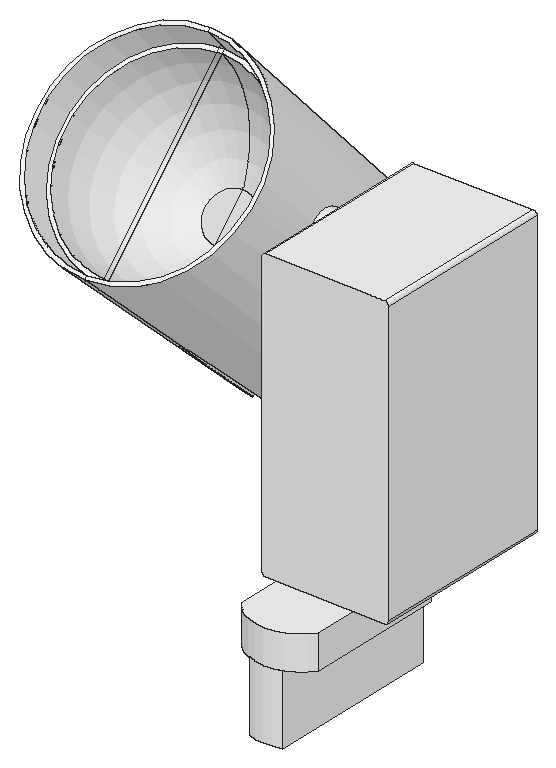
Revit family "0004859 Feilo Sylvania Lighting Fixture START TRACK SPOT S 14W 3K RA90 NB WHITE", category Lighting Fixtures, host Face, Revit 2017 (continued)
Definition of nested family "Start Track Spot Head"
  Types (96, lengths in mm): name | Wattage | built-in parameter 1150134 | Photometric Web File | Model | built-in parameter 1150105 | Lumens | built-in parameter 1150107 | built-in parameter 1150106 | HeadThickness_FEILO | HeadRibOffset_FEILO | HeadRibDepth_FEILO | HeadRibCutWidth_FEILO | HeadRibCutOffset_FEILO | HeadReflectorRadius_FEILO | HeadReflectorOffset_FEILO | HeadLEDRadius_FEILO | HeadHeight_FEILO | HeadDiffusorOffset_FEILO | HeadDiaOut_FEILO | HeadDiaIn_FEILO | HeadAxisFromTop_FEILO | Emit from Circle Diameter | built-in parameter 1150104 | Description | Apparent Load
    0004812 START TRACK SPOT S 14W 3K RA80 MB WHITE | 14 W | (empty or 0) | "0004812.ies" | "START TRACK SPOT S 14W 3K RA80 MB WHITE" | 120.32 (stored number, unit not read) | 1512 lm | 3000 (stored number, unit not read) | 1.2032 (stored number, unit not read) | 1.5 | 4.179 | 55.714 | 7.167 | 50.87 | 50.588 | 55.714 | 9.556 | 117 | 9.435 | 86 | 77.477 | 69.354 | 77.477 | 10.034 (stored number, unit not read) | "Integrated LED spotlight, Textured White - RAL9016, compact and minimalist design, ideal for retail applications, die-cast aluminium body, passive cooling heatsink. Beam angle: 36°, color temperature: 3000K , total system power: 14W, total fixture output: 1508 lm, LOR: 100%, colour rendering: Ra: 80 typical, LED Chromaticity: 3 step MacAdam ellipse, lifetime: >50000 hours at L70B50, energy class: A++, A+, A, IR/UV free light source without heat radiation, operating voltage: 220-240V / 50-60Hz, drive current: 350mA, electronic driver, non-dimmable, power factor: 0.92, electrical protection: Class II, Global Track 3 Phase adapter suitable for Global trac 3-circuit tracks, ingress protection rating: IP20, suitable for internal environment only, horizontal rotation: 355°, vertical tilt: 90°, dimensions: Ø86x140x200, weight: 0.940kg." | 14 VA
    0004811 START TRACK SPOT S 14W 3K RA80 NB WHITE | 14 W | (empty or 0) | "0004811.ies" | "START TRACK SPOT S 14W 3K RA80 NB WHITE" | 123.66 (stored number, unit not read) | 1554 lm | 3000 (stored number, unit not read) | 1.2366 (stored number, unit not read) | 1.5 | 4.179 | 55.714 | 7.167 | 50.87 | 50.588 | 55.714 | 9.556 | 117 | 9.435 | 86 | 77.477 | 69.354 | 77.477 | 10.312 (stored number, unit not read) | "Integrated LED spotlight, Textured White - RAL9016, compact and minimalist design, ideal for retail applications, die-cast aluminium body, passive cooling heatsink. Beam angle: 12°, color temperature: 3000K , total system power: 14W, total fixture output: 1551 lm, LOR: 100%, colour rendering: Ra: 80 typical, LED Chromaticity: 3 step MacAdam ellipse, lifetime: >50000 hours at L70B50, energy class: A++, A+, A, IR/UV free light source without heat radiation, operating voltage: 220-240V / 50-60Hz, drive current: 350mA, electronic driver, non-dimmable, power factor: 0.92, electrical protection: Class II, Global Track 3 Phase adapter suitable for Global trac 3-circuit tracks, ingress protection rating: IP20, suitable for internal environment only, horizontal rotation: 355°, vertical tilt: 90°, dimensions: Ø86x140x200, weight: 0.940kg." | 14 VA
  Reference planes
    plane 1 "Center (Front/Back)": y = 0
    plane 2: z = 0
    plane 3 "Center (Left/Right)": x = 0
    plane 4: x = 43
    plane 5: x = -43
    plane 6: x = -38.739
    plane 7: x = 38.739
    plane 8: z = 69.354
    plane 9: z = -47.646
    plane 10: x = -41.5
    plane 11: x = -37.239
    plane 12: z = -38.211
    plane 13: z = -35.211
    plane 14: z = 8.068
    plane 15: x = -9.556
    plane 16: x = -28.667
    plane 17: x = -19.111
    plane 18: x = -27.167
    plane 19: x = -17.611
    plane 20: x = -8.056
    plane 21: z = 13.64
    plane 22: x = -29.667
    plane 23: x = -26.167
    plane 24: x = -20.111
    plane 25: x = -16.611
    plane 26: x = -10.556
    plane 27: x = -7.056
    plane 28: x = -36.239
    plane 29: x = -40.5
    plane 30: z = 65.175
    plane 31: z = 60.997
    plane 32: z = 56.818
    plane 33: z = 18.484
    plane 34: y = -43
    plane 35: y = 43
    plane 36: y = 3.583
    plane 37: y = -3.583
    plane 38: y = -2.583
    plane 39: y = 2.583
    plane 40: y = 46
    plane 41: z = 13.5
    plane 42: z = -13.5
    plane 43: y = 39
    plane 44: x = 4.708
    plane 45: x = -2.458
    plane 46: x = -1.458
    plane 47: x = 1.458
  Forms (mm)
    Extrusion 1, solid
      sketch origin (4.2, 0, 0) x (1, 0, 0) y (0, 1, 0)
        loop
          line (-1219.2, 1219.2) -> (-1219.2, -1219.2) -> (1219.2, -1219.2) -> (1219.2, 1219.2) -> (-1219.2, 1219.2)
      from 0 to -68.017
    Revolve 2, solid, material <- "Material_1_FEILO", detail levels medium+fine
      sketch origin (0, 0, 0) x (1, 0, 0) y (0, 0, 1)
        loop
          line (-43, -47.646) -> (-41.5, -47.646) -> (-40.5, -35.211) -> (-38.739, -35.211)
          arc (-38.739, -35.211) -> (-30.16, -9.517) -> (-9.556, 8.068) r 50.588
          line (-9.556, 8.068) -> (0, 8.068) -> (0, 13.64) -> (-16.611, 13.64) -> (-17.611, 60.997) -> (-19.111, 60.997) -> (-20.111, 13.64) -> (-36.239, 13.64) -> (-37.239, 69.354) -> (-38.739, 69.354) -> (-43, -47.646)
        axis (0, 69.354) -> (0, -47.646)
      angle from 360 to 0
    Extrusion 3, void
      sketch origin (0, 0, 0) x (0, 1, 0) y (0, 0, 1)
        loop
          line (-3.583, 69.354) -> (-2.583, 18.484) -> (1.932, 18.484) -> (2.932, 69.354) -> (-3.583, 69.354)
      from 43 to -43
    Revolve 4, solid, material <- "Material_2_FEILO", detail levels medium+fine
      sketch origin (0, 0, 0) x (1, 0, 0) y (0, 0, 1)
        loop
          line (-41.5, -38.211) -> (0, -38.211) -> (0, -35.211) -> (-41.5, -35.211) -> (-41.5, -38.211)
        axis (0, -35.211) -> (0, -38.211)
      angle from 360 to 0
    Revolve 5, solid, material <- "Material_1_FEILO"
      sketch origin (0, 0, 0) x (0, 1, 0) y (0, 0, 1)
        loop
          line (46, 0) -> (39, 0) -> (39, -13.5) -> (46, -13.5) -> (46, 0)
        axis (39, 0) -> (46, 0)
      angle from 360 to 0
    Revolve 6, solid, material <- "Material_1_FEILO", detail levels medium+fine
      sketch origin (0, 0, 0) x (1, 0, 0) y (0, 0, 1)
        loop
          line (-29.667, 13.64) -> (-26.167, 13.64) -> (-27.167, 65.175) -> (-28.667, 65.175) -> (-29.667, 13.64)
        loop
          line (-10.556, 13.64) -> (-7.056, 13.64) -> (-7.833, 56.818) -> (-9.778, 56.818) -> (-10.556, 13.64)
        axis (0, 65.175) -> (0, 13.64)
      angle from 360 to 0
    Extrusion 7, void
      sketch origin (0, 0, 0) x (1, 0, 0) y (0, 0, 1)
        loop
          line (4.708, 69.354) -> (-2.458, 69.354) -> (-1.458, 13.64) -> (1.458, 13.64) -> (4.708, 69.354)
      from -43 to 43
    Revolve 8, solid, material <- "Material_1_FEILO", detail levels coarse
      sketch origin (0, 0, 0) x (1, 0, 0) y (0, 0, 1)
        loop
          line (0, 69.354) -> (-38.739, 69.354) -> (-43, -47.646) -> (-41.5, -47.646) -> (-40.731, -38.211) -> (0, -38.211) -> (0, 69.354)
        axis (0, 69.354) -> (0, -47.646)
      angle from 360 to 0
  Cuts and joins
    Extrusion 3 cuts Revolve 2
    Extrusion 7 cuts Revolve 6
  Dimensions and locks
    equal spacing: plane 7, plane 3 "Center (Left/Right)", plane 6
    equal spacing: plane 4, plane 3 "Center (Left/Right)", plane 5
    "HeadDiaOut_FEILO": plane 4 to plane 5
    "HeadDiaIn_FEILO": plane 7 to plane 6
    "HeadHeight_FEILO": plane 8 to plane 9
    "HeadThickness_FEILO": plane 10 to plane 5
    "HeadThickness_FEILO": plane 11 to plane 6
    "HeadDiffusorOffset_FEILO": plane 12 to plane 9
    "HeadDiffusorThickness_FEILO": plane 13 to plane 12
    "HeadReflectorOffset_FEILO": plane 14 to plane 9
    "HeadLEDRadius_FEILO": plane 3 "Center (Left/Right)" to plane 15
    "HeadLEDRadius_FEILO": plane 15 to plane 17
    "HeadLEDRadius_FEILO": plane 17 to plane 16
    "HeadThickness_FEILO": plane 18 to plane 16
    "HeadThickness_FEILO": plane 19 to plane 17
    "HeadThickness_FEILO": plane 20 to plane 15
    "HeadRibDepth_FEILO": plane 8 to plane 21
    "HeadDraft_FEILO": plane 16 to plane 22
    "HeadDraft_FEILO": plane 23 to plane 18
    "HeadDraft_FEILO": plane 17 to plane 24
    "HeadDraft_FEILO": plane 25 to plane 19
    "HeadDraft_FEILO": plane 15 to plane 26
    "HeadDraft_FEILO": plane 27 to plane 20
    "HeadDraft_FEILO": plane 29 to plane 10
    "HeadDraft_FEILO": plane 28 to plane 11
    "HeadRibOffset_FEILO": plane 8 to plane 30
    "HeadRibOffset_FEILO": plane 30 to plane 31
    "HeadRibOffset_FEILO": plane 31 to plane 32
    "HeadAxisFromTop_FEILO": plane 8 to plane 2
    "HeadRibCutOffset_FEILO": plane 8 to plane 33
    equal spacing: plane 34, plane 1 "Center (Front/Back)", plane 35
    "HeadDiaOut_FEILO": plane 34 to plane 35
    equal spacing: plane 38, plane 1 "Center (Front/Back)", plane 39
    equal spacing: plane 37, plane 1 "Center (Front/Back)", plane 36
    "HeadRibCutWidth_FEILO": plane 37 to plane 36
    "HeadDraft_FEILO": plane 37 to plane 38
    locked: plane 35 to plane 40 at 3
    equal spacing: plane 41, plane 2, plane 42
    locked: plane 42 to plane 41 at 27
    locked: plane 43 to plane 35 at 4
    equal spacing: plane 45, imposter light, plane 44
    "HeadDraft_FEILO": plane 46 to plane 45
    "HeadRibCutWidth_FEILO": plane 44 to plane 45
    equal spacing: plane 47, plane 3 "Center (Left/Right)", plane 46
    "HeadReflectorRadius_FEILO": radius of Revolve 2 sketch curve
    aligned and locked: plane 2 to Extrusion 1
    aligned and locked: level to Extrusion 1
    aligned and locked: Revolve 2 sketch curve to plane 3 "Center (Left/Right)"  (x2)
    aligned and locked: plane 9 to Revolve 2 sketch curve  (x2)
    aligned and locked: plane 5 to Revolve 2 sketch curve
    aligned and locked: plane 10 to Revolve 2 sketch curve
    aligned and locked: plane 14 to Revolve 2 sketch curve
    aligned and locked: plane 8 to Revolve 2 sketch curve
    aligned and locked: Revolve 2 sketch curve to plane 13
    aligned and locked: plane 12 to Revolve 4 sketch curve
    aligned and locked: plane 3 "Center (Left/Right)" to Revolve 4 sketch curve
    aligned and locked: Revolve 4 sketch curve to plane 10
    aligned and locked: Revolve 4 sketch curve to plane 3 "Center (Left/Right)"
    aligned and locked: plane 12 to imposter light
    aligned and locked: imposter light to plane 1 "Center (Front/Back)"
    aligned and locked: Revolve 5 sketch curve to plane 2
    aligned and locked: plane 43 to Revolve 5 sketch curve
    aligned and locked: plane 42 to Revolve 5 sketch curve
    aligned and locked: Revolve 6 sketch curve to plane 3 "Center (Left/Right)"
    aligned and locked: plane 22 to Revolve 6 sketch curve
    aligned and locked: plane 30 to Revolve 6 sketch curve
    aligned and locked: plane 23 to Revolve 6 sketch curve
    aligned and locked: Revolve 6 sketch curve to plane 21  (x2)
    aligned and locked: plane 21 to Revolve 6 sketch curve
    aligned and locked: plane 17 to Revolve 2 sketch curve
    aligned and locked: plane 19 to Revolve 2 sketch curve
    aligned and locked: plane 31 to Revolve 2 sketch curve
    aligned and locked: plane 21 to Revolve 2 sketch curve
    aligned and locked: Extrusion 3 to plane 8
    aligned and locked: plane 33 to Extrusion 3
    aligned and locked: plane 8 to Extrusion 3 sketch curve
    aligned and locked: Extrusion 3 sketch curve to plane 33
    aligned and locked: Extrusion 3 to plane 5
    aligned and locked: plane 4 to Extrusion 3
    aligned and locked: plane 32 to Revolve 6 sketch curve
    aligned and locked: plane 44 to Extrusion 7 sketch curve
    aligned and locked: Extrusion 7 sketch curve to plane 8
    aligned and locked: plane 46 to Extrusion 7 sketch curve
    aligned and locked: plane 21 to Extrusion 7 sketch curve
    aligned and locked: plane 34 to Extrusion 7
    aligned and locked: Extrusion 7 to plane 35
    aligned and locked: Revolve 4 sketch curve to plane 13
    aligned and locked: Revolve 5 sketch curve to plane 40
    aligned and locked: Revolve 8 sketch curve to plane 3 "Center (Left/Right)"
    aligned and locked: Revolve 8 sketch curve to cut or joined group of Revolve 2, Extrusion 3  (x3)
    aligned and locked: plane 5 to Revolve 8 sketch curve
    aligned and locked: plane 3 "Center (Left/Right)" to Revolve 8 sketch curve
    aligned and locked: plane 12 to Revolve 8 sketch curve
  Automatic sketch dimensions
    Extrusion 1 sketch curve to Extrusion 1 sketch curve = 2438.4 mm  (x2)
    Extrusion 3 sketch curve to plane 37 = 0 mm
    Extrusion 3 sketch curve to plane 38 = 0 mm
    plane 39 to Extrusion 3 sketch curve = 0.651 mm
    Extrusion 3 sketch curve to plane 39 = 0.349 mm
    Revolve 6 sketch curve to plane 16 = 0 mm
    Revolve 6 sketch curve to plane 18 = 0 mm
    Revolve 6 sketch curve to plane 26 = 0 mm
    Revolve 6 sketch curve to plane 27 = 0 mm
    Revolve 6 sketch curve to plane 15 = 0.222 mm
    plane 9 to Revolve 6 sketch curve = 559.103 mm
    Revolve 6 sketch curve to plane 8 = 2535.555 mm
    plane 20 to Revolve 6 sketch curve = 0.222 mm
    Revolve 2 sketch curve to plane 29 = 0 mm
    Revolve 2 sketch curve to plane 6 = 0 mm  (x2)
    Revolve 2 sketch curve to plane 11 = 0 mm
    Revolve 2 sketch curve to plane 21 = 0 mm
    Revolve 2 sketch curve to plane 28 = 0 mm
    Revolve 2 sketch curve to plane 24 = 0 mm
    Revolve 2 sketch curve to plane 25 = 0 mm
    Revolve 2 sketch curve to plane 15 = 0 mm
    Revolve 2 sketch curve to Revolve 2 sketch curve = 557.155 mm
    Revolve 2 sketch curve to plane 8 = 2535.558 mm
    Extrusion 7 sketch curve to plane 45 = 0 mm
    Extrusion 7 sketch curve to plane 47 = 0 mm
    plane 9 to Revolve 4 sketch curve = 559.103 mm
    Revolve 4 sketch curve to plane 8 = 2535.555 mm
    Revolve 5 sketch curve to level = 0 mm
    plane 34 to Revolve 5 sketch curve = 1968.092 mm
    Revolve 5 sketch curve to plane 40 = 1405.763 mm
    Revolve 8 sketch curve to plane 6 = 0 mm
    Revolve 8 sketch curve to plane 29 = 0.231 mm
    plane 9 to Revolve 8 sketch curve = 559.103 mm
    Revolve 8 sketch curve to Revolve 8 sketch curve = 2535.555 mm
Definition of nested family "Start Track Spot Box"
  Parameters (values of type "Type Large White")
    URL = "http://www.feilosylvania.com"
    Type Image = (empty or 0)
    Type Comments = "n/a"
    Small_FEILO = no
    Material_3_FEILO = none
    Model = ""
    Manufacturer = "Feilo Sylvania"
    Keynote = ""
    Material_2_FEILO = none
    Description = ""
    Default Elevation = 1219.2 mm
    Cost = 0
    Material_1_FEILO = none
    BoxWidth_FEILO = 49 mm
    BoxStartAngle_FEILO [instance] = 0.00°
    BoxRadius_FEILO = 1.5 mm
    BoxHeight_FEILO = if(Small_FEILO, 112 mm, 136 mm)  # 136 mm
    BoxEndAngle_FEILO [instance] = BoxStartAngle_FEILO - 180.00°  # -180.00°
    BoxDepth_FEILO = if(Small_FEILO, 71.5 mm, 79 mm)  # 79 mm
    BoxAxisVerticalOffset_FEILO = 16 mm
    BoxAxisOffset_FEILO = BoxHeight_FEILO / 6.8  # 20 mm
    Assembly Code = ""
    Material_4_FEILO = none
  Types (4, lengths in mm): name | Small_FEILO | BoxHeight_FEILO | BoxDepth_FEILO | BoxAxisOffset_FEILO
    Type Large White | no | 136 | 79 | 20
    Type Small White | yes | 112 | 71.5 | 16.471
    Type Small Black | yes | 112 | 71.5 | 16.471
    Type Large Black | no | 136 | 79 | 20
  Reference planes
    plane 1 "Center (Front/Back)": y = 0
    plane 2: z = 0
    plane 3 "Center (Left/Right)": x = 0
    plane 4: x = 24.5
    plane 5: x = -24.5
    plane 6: y = 68
    plane 7: y = -68
    plane 8: z = 39.5
    plane 9: z = -39.5
    plane 10: y = -48
    plane 11: x = 30.5
    plane 12: x = 8.5
    plane 13: x = 21.5
    plane 14: y = 70
    plane 15: y = 72
    plane 16: x = 19.5
  Forms (mm)
    Extrusion 1, solid
      sketch origin (4.2, 0, 0) x (1, 0, 0) y (0, 1, 0)
        loop
          line (-1219.2, 1219.2) -> (-1219.2, -1219.2) -> (1219.2, -1219.2) -> (1219.2, 1219.2) -> (-1219.2, 1219.2)
      from 0 to -68.017
    Extrusion 2, solid, material <- "Material_1_FEILO"
      sketch origin (0, 0, 0) x (1, 0, 0) y (0, 1, 0)
        loop
          arc (-23, 68) -> (-24.061, 67.561) -> (-24.5, 66.5) r 1.5
          line (-24.5, 66.5) -> (-24.5, -66.5)
          arc (-24.5, -66.5) -> (-24.061, -67.561) -> (-23, -68) r 1.5
          line (-23, -68) -> (23, -68)
          arc (23, -68) -> (24.061, -67.561) -> (24.5, -66.5) r 1.5
          line (24.5, -66.5) -> (24.5, 66.5)
          arc (24.5, 66.5) -> (24.061, 67.561) -> (23, 68) r 1.5
          line (23, 68) -> (-23, 68)
      from -39.5 to 39.5
    Revolve 3, solid, not visible
      sketch origin (0, 0, 0) x (1, 0, 0) y (0, 1, 0)
        loop
          line (30.5, -48) -> (24.5, -48) -> (24.5, -68) -> (30.5, -68) -> (30.5, -48)
        axis (30.5, -48) -> (24.5, -48)
      angle from 0 <- "BoxStartAngle_FEILO" to -180 <- "BoxEndAngle_FEILO"
    Revolve 4, solid, material <- "Material_2_FEILO"
      sketch origin (0, 0, 0) x (1, 0, 0) y (0, 1, 0)
        loop
          line (8.5, 68) -> (19.5, 68) -> (19.5, 70) -> (21.5, 70) -> (21.5, 72) -> (8.5, 72) -> (8.5, 68)
        axis (8.5, 72) -> (8.5, 68)
      angle from 360 to 0
  Dimensions and locks
    equal spacing: plane 5, plane 3 "Center (Left/Right)", plane 4
    "BoxWidth_FEILO": plane 5 to plane 4
    equal spacing: plane 7, plane 1 "Center (Front/Back)", plane 6
    "BoxHeight_FEILO": plane 7 to plane 6
    equal spacing: plane 8, plane 2, plane 9
    "BoxDepth_FEILO": plane 8 to plane 9
    "BoxAxisOffset_FEILO": plane 7 to plane 10
    locked: plane 4 to plane 11 at 6
    "BoxAxisVerticalOffset_FEILO": plane 12 to plane 4
    locked: plane 12 to plane 13 at 13
    plane 6 to plane 14 to plane 15 = 2 mm locked, 2 mm locked
    locked: plane 12 to plane 16 at 11
    "BoxRadius_FEILO": radius of Extrusion 2 sketch curve  (x4)
    aligned and locked: plane 2 to Extrusion 1
    aligned and locked: level to Extrusion 1
    aligned and locked: plane 6 to Extrusion 2 sketch curve
    aligned and locked: plane 5 to Extrusion 2 sketch curve
    aligned and locked: Extrusion 2 sketch curve to plane 7
    aligned and locked: Extrusion 2 sketch curve to plane 4
    aligned and locked: Extrusion 2 to plane 8
    aligned and locked: plane 9 to Extrusion 2
    aligned and locked: Revolve 3 sketch curve to plane 10  (x2)
    aligned and locked: plane 11 to Revolve 3 sketch curve
    aligned and locked: Revolve 3 sketch curve to plane 4
    aligned and locked: plane 7 to Revolve 3 sketch curve
    aligned and locked: Revolve 4 sketch curve to plane 12
    aligned and locked: plane 6 to Revolve 4 sketch curve
    aligned and locked: plane 12 to Revolve 4 sketch curve
    aligned and locked: plane 15 to Revolve 4 sketch curve
    aligned and locked: Revolve 4 sketch curve to plane 13
    aligned and locked: Revolve 4 sketch curve to plane 14
    aligned and locked: Revolve 4 sketch curve to plane 16
    aligned and locked: Revolve 4 sketch curve to plane 6
  Automatic sketch dimensions
    Extrusion 1 sketch curve to Extrusion 1 sketch curve = 2438.4 mm  (x2)
    Revolve 3 sketch curve to plane 5 = 1499.5 mm
    plane 11 to Revolve 3 sketch curve = 1493.5 mm
    plane 15 to Revolve 4 sketch curve = 0 mm
    plane 7 to Revolve 4 sketch curve = 1456 mm
    Revolve 4 sketch curve to plane 15 = 1452 mm
